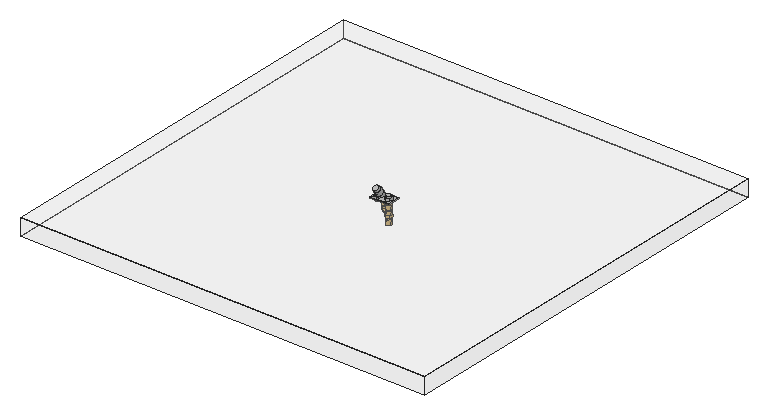
Revit family
Parameters (values of type "65CC-C")
  Weight Lbs = 4.4
  Waste Connection = no
  Single Check Vacuum Breaker = "ASSE 1011"
  Rod Assembly D = 0' - 0 1/2"
  Rod Assembly C = 0' - 0 3/4"
  Rod Assembly B = Rod Assembly A + 0' 0 1/2"  # 0' - 1 1/2"
  Rod Assembly A = Wall Thickness  # 0' - 1"
  Wall Thickness = 0' - 1"
  WFU = 0
  Vent Connection = no
  URL = "http://www.woodfordmfg.com/woodford/Wall_Hydrant_Pages/model-65.html"
  Symbol Length = 0' - 9"
  Polished Brass (PB) Optional = ""
  Plate Width = 0' - 3"
  Plate Length = 0' - 4 3/8"
  Pipe Connection Radius = 0' - 0 3/8"
  Pipe Connection Diameter = Pipe Connection Radius * 2  # 0' - 0 3/4"
  Overall Hydrant Length = Wall Thickness + 0' 4"  # 0' - 5"
  Outlet = "3/4\" Male Hose Thread"
  No Lead Solder = ""
  Model = "65CC-C"
  Max Temperature = "120º -F"
  Max Pressure = 125.00 psi
  Inlet Option = "C - 3/4\" Copper Water Tube"
  Hydrant Specification = "Meets Gov. Spec. WW-P-541b"
  Hydrant & Vacuum Breaker = "Listed by IAPMO"
  Hydrant = "ASSE-1019-B"
  Manufacturer = "Woodford Manufacturing Company"
  Installation Instructions = "http://www.woodfordmfg.com/woodford/Installation/65-67%20Installation%20Instructions-2.pdf"
  HWFU = 0
  HW Connection = no
  GPM = "16 @ 100psi"
  Default Elevation = 4' - 0"
  Chrome Standard = ""
  Catalog Sheet = "http://www.woodfordmfg.com/woodford/Wall_Hyd_PDF/65CATALOG.pdf"
  CWFU = 2.5
  CW Connection = yes
  Brass Head & Inlet Castings = ""
  Brass (BR) Optional = ""
  Automatic Draining = ""
  All Brass Castings = ""
Types (13): name | Weight Lbs | Rod Assembly D | Rod Assembly C | Rod Assembly B | Rod Assembly A | Wall Thickness | Overall Hydrant Length | Model
  (no name) | 4.4 | 0' - 0 1/2" | 0' - 0 3/4" | 0' - 1 1/2" | 0' - 1" | 0' - 1" | 0' - 5" | "65CC-C"
  65C-6 | 4.8 | 0' - 1 1/2" | 0' - 2" | 0' - 6 1/2" | 0' - 6" | 0' - 6" | 0' - 10" | "65C-6"
  65C-4 | 4.3 | 0' - 1 1/2" | 0' - 2" | 0' - 4 1/2" | 0' - 4" | 0' - 4" | 0' - 8" | "65C-4"
  65C-10 | 5.6 | 0' - 1 1/2" | 0' - 2" | 0' - 10 1/2" | 0' - 10" | 0' - 10" | 1' - 2" | "65C-10"
  65C-12 | 6 | 0' - 1 1/2" | 0' - 2" | 1' - 0 1/2" | 1' - 0" | 1' - 0" | 1' - 4" | "65C-12"
  65C-14 | 6.4 | 0' - 1 1/2" | 0' - 2" | 1' - 2 1/2" | 1' - 2" | 1' - 2" | 1' - 6" | "65C-14"
  65C-16 | 6.8 | 0' - 1 1/2" | 0' - 2" | 1' - 4 1/2" | 1' - 4" | 1' - 4" | 1' - 8" | "65C-16"
  65C-18 | 7.2 | 0' - 1 1/2" | 0' - 2" | 1' - 6 1/2" | 1' - 6" | 1' - 6" | 1' - 10" | "65C-18"
  65C-20 | 7.6 | 0' - 1 1/2" | 0' - 2" | 1' - 8 1/2" | 1' - 8" | 1' - 8" | 2' - 0" | "65C-20"
  65C-22 | 8 | 0' - 1 1/2" | 0' - 2" | 1' - 10 1/2" | 1' - 10" | 1' - 10" | 2' - 2" | "65C-22"
  65C-24 | 8.4 | 0' - 1 1/2" | 0' - 2" | 2' - 0 1/2" | 2' - 0" | 2' - 0" | 2' - 4" | "65C-24"
  65C-8 | 4.8 | 0' - 1 1/2" | 0' - 2" | 0' - 6 1/2" | 0' - 6" | 0' - 6" | 0' - 10" | "65C-8"
  65CC-C | 4.4 | 0' - 0 1/2" | 0' - 0 3/4" | 0' - 1 1/2" | 0' - 1" | 0' - 1" | 0' - 5" | "65CC-C"
Reference planes (in)
  plane 1 "Center (Front/Back)": y = 0
  plane 2: z = 0
  plane 3 "Center (Left/Right)": x = 0
  plane 4 "Left": x = -2.1875
  plane 5 "Right": x = 2.1875
  plane 6 "Bottom": y = -1.5
  plane 7 "Top": y = 1.5
  plane 8 "Top Faceplate": z = 0.21875
  plane 9 "Right Offset": x = 1.6875
  plane 10 "Left Offset": x = -1.6875
  plane 11 "Top Nut": z = 0.71875
  plane 12 "Operating Rod Depth A": z = -1
  plane 13 "Out Right": z = -0.75
  plane 14 "Out Left": z = -0.5
  plane 15: z = -0.325
  plane 16 "Operating Rod Depth B": z = -1.5
  plane 17 "Inlet bottom nut": z = -1.75
  plane 18 "Inlet Assembly": z = -2.25
  plane 19 "Inlet Assembly Nut": z = -3
  plane 20 "Inlet Assembly Bottom Nut": z = -3.5
  plane 21 "Female Connection": z = -4
  plane 22: z = 9
  plane 23: z = -5
Forms (in)
  Extrusion 1, solid, material "Glass"
    sketch origin (0, 0, 0) x (1, 0, 0) y (0, 1, 0)
      loop
        line (-48, 48) -> (-48, -48) -> (48, -48) -> (48, 48) -> (-48, 48)
    from 0 to -4
  Extrusion 2, solid, material "Chrome", detail levels fine
    sketch origin (0, 0, 0) x (1, 0, 0) y (0, 1, 0)
      loop
        line (-2.1875, -1.5) -> (2.1875, -1.5) -> (2.1875, 1.5) -> (-2.1875, 1.5) -> (-2.1875, -1.5)
    from 0 to 0.21875
  Extrusion 3, solid, material "Chrome", detail levels fine
    sketch origin (-1.6875, 0, 0) x (0, 1, 0) y (0, 0, 1)
      loop
        line (-1.5, 0.21875) -> (-0.17611, 0.21875) -> (-0.17611, 0.4375) -> (-1.1597, 0.4375) -> (-1.44095, 0.71875) -> (-1.5, 0.71875) -> (-1.5, 0.21875)
    from 0 to 1
  Sweep 4, solid, material "Chrome", detail levels fine
    path origin (-1.1625, 0, 0) x (0, 1, 0) y (0, 0, 1)
      loop
        arc (0.31144, 0.21875) -> (0.26076, 0.51208) -> (0.1201, 0.77444) r 0.93127
    profile origin (-1.1625, 0.26076, 0.51208) x (0, -0.945519, -0.325568) y (1, 0, 0)
      loop
        circle (0, 0) r 0.78125
  Sweep 5, solid, material "Chrome", detail levels fine
    path origin (-1.1625, 0, 0) x (0, 1, 0) y (0, 0, 1)
      loop
        line (0.1201, 0.77444) -> (-0.03172, 0.97306)
    profile origin (-1.1625, 0.04419, 0.87375) x (0, -0.794484, -0.607286) y (1, 0, 0)
      loop
        circle (0, 0) r 0.5
  Sweep 6, solid, material "Chrome", detail levels fine
    path origin (-1.1625, 0, 0) x (0, 1, 0) y (0, 0, 1)
      loop
        line (-0.03172, 0.97306) -> (-0.639, 1.76754)
    profile origin (-1.1625, -0.33536, 1.3703) x (0, -0.794484, -0.607286) y (1, 0, 0)
      loop
        circle (0, 0) r 0.75
  Sweep 7, solid, material "Chrome", detail levels fine
    path origin (-1.1625, 0, 0) x (0, 1, 0) y (0, 0, 1)
      loop
        line (-0.639, 1.76754) -> (-0.75357, 1.91743)
    profile origin (-1.1625, -0.69629, 1.84249) x (0, -0.794484, -0.607286) y (1, 0, 0)
      loop
        circle (0, 0) r 0.5
  Sweep 8, solid, material "Chrome", detail levels fine
    path origin (-1.1625, 0, 0) x (0, 1, 0) y (0, 0, 1)
      loop
        line (-0.75357, 1.91743) -> (-0.95094, 2.17563)
    profile origin (-1.1625, -0.85225, 2.04653) x (0, -0.794484, -0.607286) y (1, 0, 0)
      loop
        circle (0, 0) r 0.625
  Extrusion 9, solid, material "Chrome", detail levels fine
    sketch origin (0, 0, 0.21875) x (-1, 0, 0) y (0, -1, 0)
      loop
        line (-1.02436, -0.76573) -> (-0.33622, -0.38286) -> (-0.33622, 0.38286) -> (-1.02436, 0.76573) -> (-1.6875, 0.38286) -> (-1.6875, -0.38286) -> (-1.02436, -0.76573)
    from 0 to 0.5
  Extrusion 10, solid, material "Chrome", detail levels fine
    sketch origin (0, 0, 0.71875) x (-1, 0, 0) y (0, -1, 0)
      loop
        circle (-1.02436, 0) r 0.54614
    from 0 to 0.25
  Extrusion 11, solid, material "Brass", detail levels fine
    sketch origin (0, 0, 0) x (1, 0, 0) y (0, 1, 0)
      loop
        circle (1.02436, 0) r 0.625
    from 0 to -0.75
  Extrusion 12, solid, material "Brass", detail levels fine
    sketch origin (0, 0, 0) x (1, 0, 0) y (0, 1, 0)
      loop
        circle (-0.08686, 0) r 0.4375
    from 0 to -0.5
  Extrusion 13, solid, material "Brass", detail levels fine
    sketch origin (0, 0, 0) x (1, 0, 0) y (0, 1, 0)
      loop
        arc (1.02395, -0.71363) -> (1.60463, -0.04499) -> (1.09565, 0.67972) r 0.71878
        line (1.09565, 0.67972) -> (-0.88414, 1.19681) -> (-1.9375, 1.19681) -> (-1.9375, -1.12767) -> (-1.15613, -1.12767) -> (1.02395, -0.71363)
    from 0 to -0.325
  Extrusion 14, solid, material "Brass", detail levels fine
    sketch origin (0, 0, -0.5) x (-1, 0, 0) y (0, -1, 0)
      loop
        circle (0.08686, 0) r 0.3125
    from 0 to -1
  Extrusion 15, solid, material "Brass", detail levels fine
    sketch origin (0, 0, -0.75) x (-1, 0, 0) y (0, -1, 0)
      loop
        circle (-1.02436, 0) r 0.375
    from 0 to -0.25
  Extrusion 16, solid, material "Brass", detail levels fine
    sketch origin (0, 0, -1) x (-1, 0, 0) y (0, -1, 0)
      loop
        circle (-1.02436, 0) r 0.5
    from 0 to -0.75
  Extrusion 17, solid, material "Brass", detail levels fine
    sketch origin (0, 0, -1.75) x (-1, 0, 0) y (0, -1, 0)
      loop
        circle (-1.02436, 0) r 0.375
    from 0 to -0.5
  Extrusion 18, solid, material "Brass", detail levels fine
    sketch origin (0, 0, -2.25) x (-1, 0, 0) y (0, -1, 0)
      loop
        circle (-1.02436, 0) r 0.54614
    from 0 to -0.75
  Extrusion 19, solid, material "Brass", detail levels fine
    sketch origin (0, 0, -3) x (-1, 0, 0) y (0, -1, 0)
      loop
        line (-1.02436, -0.76573) -> (-0.33622, -0.38286) -> (-0.33622, 0.38286) -> (-1.02436, 0.76573) -> (-1.6875, 0.38286) -> (-1.6875, -0.38286) -> (-1.02436, -0.76573)
    from 0 to -0.5
  Extrusion 20, solid, material "Brass", detail levels fine
    sketch origin (0, 0, -3.5) x (-1, 0, 0) y (0, -1, 0)
      loop
        circle (-1.02436, 0) r 0.375
    from 0 to -0.5
  Extrusion 21, solid, material "Brass", detail levels fine
    sketch origin (0, 0, -4) x (-1, 0, 0) y (0, -1, 0)
      loop
        circle (-1.02436, 0) r 0.60231
    from 0 to -1
  Sweep 22, solid, material "Brass", detail levels fine
    path origin (0, 0, 0) x (1, 0, 0) y (0, 0, 1)
      loop
        line (-0.094, -1.5) -> (-0.094, -1.87829)
        arc (-0.094, -1.87829) -> (0.12185, -2.39942) -> (0.64298, -2.61528) r 0.73699
    profile origin (-0.094, 0, -1.68914) x (0, -1, 0) y (1, 0, 0)
      loop
        circle (0, 0) r 0.375
Lines and regions (in)
  model lines, style "Hydrant Symbol", detail levels coarse+medium
    curve 1: line (0, 0, 0) -> (0, 0, 9)
    curve 2: line (2.1875, 0, 6.25) -> (-2.1875, 0, 6.25)
Dimensions and locks (in)
  equal spacing: plane 7 "Top", plane 1 "Center (Front/Back)", plane 6 "Bottom"
  "Plate Width": plane 7 "Top" to plane 6 "Bottom"
  equal spacing: plane 4 "Left", plane 3 "Center (Left/Right)", plane 5 "Right"
  "Plate Length": plane 4 "Left" to plane 5 "Right"
  locked: plane 8 "Top Faceplate" to level at 0.21875
  locked: plane 4 "Left" to plane 10 "Left Offset" at 0.5
  locked: plane 9 "Right Offset" to plane 5 "Right" at 0.5
  "Rod Assembly C": level to plane 13 "Out Right"
  "Rod Assembly D": Extrusion 1 to plane 14 "Out Left"
  level to plane 15 = 0' - 0.325"
  "Rod Assembly B": level to plane 16 "Operating Rod Depth B"
  "Rod Assembly A": level to plane 12 "Operating Rod Depth A"
  locked: plane 12 "Operating Rod Depth A" to plane 17 "Inlet bottom nut" at 0.75
  plane 18 "Inlet Assembly" to plane 19 "Inlet Assembly Nut" = 0' - 0 3/4"
  plane 17 "Inlet bottom nut" to plane 18 "Inlet Assembly" = 0' - 0 1/2"
  plane 19 "Inlet Assembly Nut" to plane 20 "Inlet Assembly Bottom Nut" = 0' - 0 1/2"
  plane 20 "Inlet Assembly Bottom Nut" to plane 21 "Female Connection" = 0' - 0 1/2"
  "Symbol Length": Extrusion 1 to plane 22
  locked: curve 2 to plane 22 at 2.75
  plane 21 "Female Connection" to plane 23 = 0' - 1"
  level to plane 23 = 0' - 5"
  "Pipe Connection Radius": radius of Extrusion 20 sketch curve
  "Pipe Connection Radius": radius of Extrusion 17 sketch curve
  "Pipe Connection Radius": radius of Extrusion 15 sketch curve
  aligned and locked: plane 2 to Extrusion 1
  aligned and locked: level to Extrusion 1
  aligned and locked: plane 7 "Top" to Extrusion 2
  aligned and locked: plane 6 "Bottom" to Extrusion 2
  aligned and locked: plane 5 "Right" to Extrusion 2
  aligned and locked: plane 4 "Left" to Extrusion 2
  aligned and locked: plane 8 "Top Faceplate" to Extrusion 2
  aligned and locked: plane 9 "Right Offset" to Extrusion 9 sketch curve
  aligned and locked: plane 11 "Top Nut" to Extrusion 9
  aligned and locked: plane 13 "Out Right" to Extrusion 11
  aligned and locked: plane 14 "Out Left" to Extrusion 12
  aligned and locked: Extrusion 13 to plane 15
  aligned and locked: Extrusion 15 to plane 12 "Operating Rod Depth A"
  aligned and locked: Extrusion 14 to plane 16 "Operating Rod Depth B"
  aligned and locked: plane 17 "Inlet bottom nut" to Extrusion 16
  aligned and locked: plane 18 "Inlet Assembly" to Extrusion 17
  aligned and locked: plane 20 "Inlet Assembly Bottom Nut" to Extrusion 19
  aligned and locked: plane 21 "Female Connection" to Extrusion 20
  aligned and locked: Extrusion 18 to plane 19 "Inlet Assembly Nut"
  aligned and locked: Sweep 22 to plane 16 "Operating Rod Depth B"
  aligned and locked: plane 16 "Operating Rod Depth B" to Sweep 22
  aligned and locked: plane 22 to curve 1
  aligned and locked: plane 23 to Extrusion 21  (x2)
  aligned and locked: plane 20 "Inlet Assembly Bottom Nut" to Extrusion 20
  aligned and locked: plane 21 "Female Connection" to Extrusion 21
Automatic sketch dimensions
  Extrusion 1 sketch curve to Extrusion 1 sketch curve = 8' - 0"  (x2)
  Extrusion 2 sketch curve to plane 4 "Left" = 0' - 0"
  Extrusion 2 sketch curve to plane 5 "Right" = 0' - 0"
  Extrusion 2 sketch curve to plane 6 "Bottom" = 0' - 0"
  Extrusion 2 sketch curve to plane 7 "Top" = 0' - 0"
  Extrusion 3 sketch curve to plane 6 "Bottom" = 0' - 0"
  Extrusion 3 sketch curve to plane 11 "Top Nut" = 0' - 0"
  Extrusion 3 sketch curve to plane 8 "Top Faceplate" = 0' - 0"
  Extrusion 3 sketch curve to Extrusion 3 sketch curve = 0' - 0.05905"
  plane 6 "Bottom" to Extrusion 3 sketch curve = 0' - 0.3403"
  plane 1 "Center (Front/Back)" to Extrusion 3 sketch curve = 0' - 0.17611"
  plane 8 "Top Faceplate" to Extrusion 3 sketch curve = 0' - 0 7/32"
  Sweep 4 sketch curve to plane 8 "Top Faceplate" = 0' - 0"
  Sweep 4 sketch curve to plane 8 "Top Faceplate" = 0' - 0.00986"
  plane 1 "Center (Front/Back)" to Sweep 4 sketch curve = 0' - 0.61977"
  plane 11 "Top Nut" to Sweep 4 sketch curve = 0' - 0.05569"
  Sweep 4 sketch curve to plane 1 "Center (Front/Back)" = 0' - 0.1201"
  Sweep 4 sketch curve to profile plane = 0' - 0"  (x2)
  plane 1 "Center (Front/Back)" to Sweep 5 sketch curve = 0' - 0.03172"
  plane 11 "Top Nut" to Sweep 5 sketch curve = 0' - 0.05569"
  Sweep 5 sketch curve to plane 1 "Center (Front/Back)" = 0' - 0.1201"
  Sweep 5 sketch curve to Sweep 5 sketch curve = 0' - 0.19862"
  Sweep 5 sketch curve to profile plane = 0' - 0"  (x2)
  plane 1 "Center (Front/Back)" to Sweep 6 sketch curve = 0' - 0.639"
  plane 1 "Center (Front/Back)" to Sweep 6 sketch curve = 0' - 0.03172"
  plane 11 "Top Nut" to Sweep 6 sketch curve = 0' - 0.25431"
  Sweep 6 sketch curve to Sweep 6 sketch curve = 0' - 0.79448"
  Sweep 6 sketch curve to profile plane = 0' - 0"  (x2)
  plane 6 "Bottom" to Sweep 7 sketch curve = 0' - 0.74643"
  Sweep 7 sketch curve to Sweep 7 sketch curve = 0' - 0.11457"
  plane 11 "Top Nut" to Sweep 7 sketch curve = 0' - 1.04879"
  Sweep 7 sketch curve to Sweep 7 sketch curve = 0' - 0.14988"
  Sweep 7 sketch curve to profile plane = 0' - 0"  (x2)
  plane 6 "Bottom" to Sweep 8 sketch curve = 0' - 0.54906"
  Sweep 8 sketch curve to Sweep 8 sketch curve = 0' - 0.19737"
  plane 11 "Top Nut" to Sweep 8 sketch curve = 0' - 1.19868"
  Sweep 8 sketch curve to Sweep 8 sketch curve = 0' - 0.25821"
  Sweep 8 sketch curve to profile plane = 0' - 0"  (x2)
  Extrusion 9 sketch curve to plane 9 "Right Offset" = 0' - 0.66314"  (x2)
  plane 3 "Center (Left/Right)" to Extrusion 9 sketch curve = 0' - 0.33622"
  Extrusion 9 sketch curve to plane 7 "Top" = 0' - 0.73427"
  Extrusion 9 sketch curve to plane 1 "Center (Front/Back)" = 0' - 0.38286"  (x2)
  plane 1 "Center (Front/Back)" to Extrusion 9 sketch curve = 0' - 0.38286"  (x2)
  plane 6 "Bottom" to Extrusion 9 sketch curve = 0' - 0.73427"
  plane 1 "Center (Front/Back)" to Extrusion 10 sketch curve = 0' - 0"
  Extrusion 10 sketch curve to plane 9 "Right Offset" = 0' - 0.66314"
  plane 1 "Center (Front/Back)" to Extrusion 11 sketch curve = 0' - 0"
  Extrusion 11 sketch curve to plane 9 "Right Offset" = 0' - 0.66314"
  plane 1 "Center (Front/Back)" to Extrusion 12 sketch curve = 0' - 0"
  Extrusion 12 sketch curve to plane 3 "Center (Left/Right)" = 0' - 0.08686"
  plane 4 "Left" to Extrusion 13 sketch curve = 0' - 0 1/4"
  plane 10 "Left Offset" to Extrusion 13 sketch curve = 0' - 0.53137"
  Extrusion 13 sketch curve to plane 7 "Top" = 0' - 0.30319"
  plane 10 "Left Offset" to Extrusion 13 sketch curve = 0' - 0.80336"
  plane 1 "Center (Front/Back)" to Extrusion 13 sketch curve = 0' - 0.00805"
  Extrusion 13 sketch curve to plane 9 "Right Offset" = 0' - 0.8007"
  Extrusion 13 sketch curve to plane 9 "Right Offset" = 0' - 0.66355"
  Extrusion 13 sketch curve to plane 9 "Right Offset" = 0' - 0.59185"
  plane 1 "Center (Front/Back)" to Extrusion 13 sketch curve = 0' - 0.71363"
  plane 6 "Bottom" to Extrusion 13 sketch curve = 0' - 0.37233"
  Extrusion 14 sketch curve to plane 3 "Center (Left/Right)" = 0' - 0.08686"
  plane 1 "Center (Front/Back)" to Extrusion 15 sketch curve = 0' - 0"
  Extrusion 15 sketch curve to plane 9 "Right Offset" = 0' - 0.66314"
  plane 1 "Center (Front/Back)" to Extrusion 16 sketch curve = 0' - 0"
  Extrusion 16 sketch curve to plane 9 "Right Offset" = 0' - 0.66314"
  plane 1 "Center (Front/Back)" to Extrusion 17 sketch curve = 0' - 0"
  Extrusion 17 sketch curve to plane 9 "Right Offset" = 0' - 0.66314"
  plane 1 "Center (Front/Back)" to Extrusion 18 sketch curve = 0' - 0"
  Extrusion 18 sketch curve to plane 9 "Right Offset" = 0' - 0.66314"
  Extrusion 19 sketch curve to plane 9 "Right Offset" = 0' - 0"
  Extrusion 19 sketch curve to plane 9 "Right Offset" = 0' - 0.66314"  (x2)
  plane 3 "Center (Left/Right)" to Extrusion 19 sketch curve = 0' - 0.33622"
  Extrusion 19 sketch curve to plane 7 "Top" = 0' - 0.73427"
  Extrusion 19 sketch curve to plane 1 "Center (Front/Back)" = 0' - 0.38286"  (x2)
  plane 1 "Center (Front/Back)" to Extrusion 19 sketch curve = 0' - 0.38286"  (x2)
  plane 6 "Bottom" to Extrusion 19 sketch curve = 0' - 0.73427"
  plane 1 "Center (Front/Back)" to Extrusion 20 sketch curve = 0' - 0"
  Extrusion 20 sketch curve to plane 9 "Right Offset" = 0' - 0.66314"
  plane 1 "Center (Front/Back)" to Extrusion 21 sketch curve = 0' - 0"
  Extrusion 21 sketch curve to plane 9 "Right Offset" = 0' - 0.66314"
  plane 1 "Center (Front/Back)" to Extrusion 14 sketch curve = 0' - 0"
  plane 1 "Center (Front/Back)" to Sweep 22 sketch curve = 0' - 0"
  Sweep 22 sketch curve to profile plane = 0' - 0"
  Sweep 22 sketch curve to plane 16 "Operating Rod Depth B" = 0' - 0"
  Sweep 22 sketch curve to plane 3 "Center (Left/Right)" = 0' - 0.094"
  Sweep 22 sketch curve to plane 18 "Inlet Assembly" = 0' - 0.36528"
  plane 3 "Center (Left/Right)" to Sweep 22 sketch curve = 0' - 0.64298"
  curve 2 to plane 4 "Left" = 0' - 0"
  curve 1 to plane 3 "Center (Left/Right)" = 0' - 0"
  curve 2 to plane 5 "Right" = 0' - 0"
  curve 1 to level = 0' - 0"
  radius of Sweep 4 sketch curve = 0' - 0 25/32"
  radius of Sweep 5 sketch curve = 0' - 0 1/2"
  radius of Sweep 6 sketch curve = 0' - 0 3/4"
  radius of Sweep 7 sketch curve = 0' - 0 1/2"
  radius of Sweep 8 sketch curve = 0' - 0 5/8"
  radius of Extrusion 10 sketch curve = 0' - 0.54614"
  radius of Extrusion 11 sketch curve = 0' - 0 5/8"
  radius of Extrusion 12 sketch curve = 0' - 0 7/16"
  radius of Extrusion 14 sketch curve = 0' - 0 5/16"
  radius of Extrusion 16 sketch curve = 0' - 0 1/2"
  radius of Extrusion 18 sketch curve = 0' - 0.54614"
  radius of Extrusion 21 sketch curve = 0' - 0.60231"
  radius of Sweep 22 sketch curve = 0' - 0 3/8"
Nested families (in)
  nested 1: "Hydrant Annotation" at (0, 0, 0), type "Hydrant Annotation", detail levels coarse+medium
Connectors (in)
  piping at (1.02436, 0, -5), driven by "Pipe Connection Radius"
    settings: on Extrusion 21, index 1, connector radius 3/8", flow factor 0, pipe flow 13 GPM, pressure drop 100.00 psi, fitting loss kfactor 0, connector angle 0.00°, fixture units 0, flow configuration 1, flow direction 1, fitting loss method 4, system type 20, connector reference index -1, connector utility 0, adjustable connector no, is connector primary yes, fitting loss table "", connector description ""
Definition of nested family "Hydrant Annotation"
  Reference planes (in)
    plane 1: y = 0
    plane 2: x = 0
  Lines and regions (in)
    detail lines, style "Hydrant Symbol"
      curve 1: line (0, 0, 0) -> (0, 0.325, 0)
      curve 2: line (-0.11215, 0.22111, 0) -> (0.11215, 0.22111, 0)
      curve 3: line (-0.0625, 0, 0) -> (0.0625, 0, 0)
  Dimensions and locks (in)
    equal spacing: curve 2, plane 2, curve 2
    curve 3 to curve 3 = 0' - 0 1/8"
